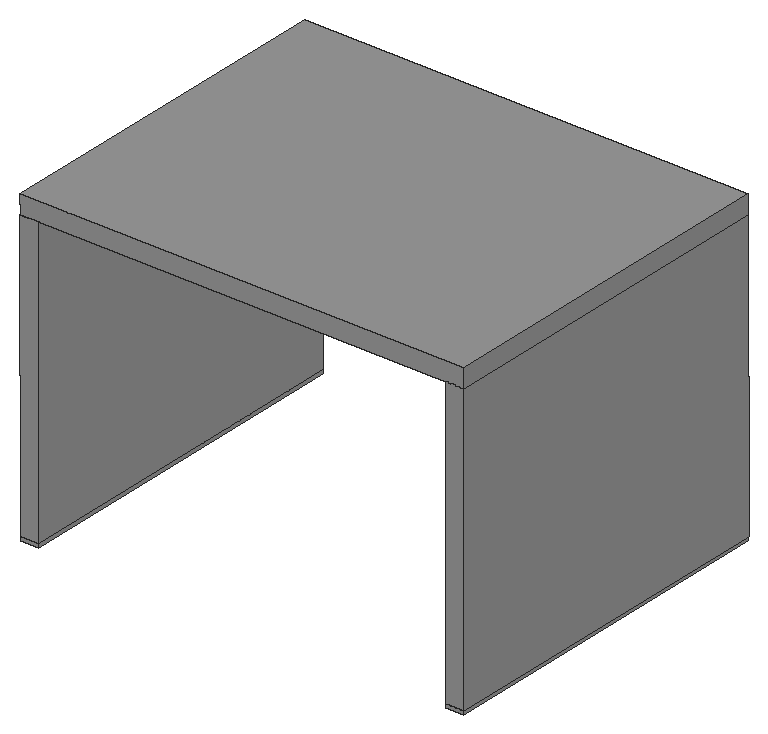
Revit family "Cocoon Community Table 48x60x42", category Generic Models, Revit 2018
Family settings
  Can host rebar = No
  Round Connector Dimension = Use Diameter
  Part Type = Normal
  Work Plane-Based = No
  Always vertical = Yes
  Cut with Voids When Loaded = No
  Shared = No
  Room Calculation Point = No
Parameters
  Frame = Cocoon Community Table 48x60x42 Frame
  Surface = Cocoon Community Table 48x60x42 Surface
Reference planes (in)
  plane 1 "Center (Front/Back)": y = 0
  plane 2: z = 0
  plane 3 "Center (Left/Right)": x = 0
Forms (in)
  Extrusion 1, solid, material "Cocoon Community Table 48x60x42 Frame" <- "Frame"
    sketch origin (0, 0, 0) x (1, 0, 0) y (0, 0, 1)
      loop
        line (-30, 0.5) -> (-30, 0) -> (-27.5, 0) -> (-27.5, 0.5) -> (-30, 0.5)
      loop
        line (30, 0.5) -> (27.5, 0.5) -> (27.5, 0) -> (30, 0) -> (30, 0.5)
    from -24 to 24
  Extrusion 2, solid, material "Cocoon Community Table 48x60x42 Surface" <- "Surface"
    sketch origin (0, 0, 13) x (1, 0, 0) y (0, 0, 1)
      loop
        line (-30, 29) -> (-30, 26.5) -> (30, 26.5) -> (30, 29) -> (-30, 29)
    from -24 to 24
  Extrusion 3, solid, material "Cocoon Community Table 48x60x42 Frame" <- "Frame"
    sketch origin (0, 0, 0) x (1, 0, 0) y (0, 0, 1)
      loop
        line (-30, 39.5) -> (-30, 0.5) -> (-27.5, 0.5) -> (-27.5, 39.5) -> (-30, 39.5)
      loop
        line (27.5, 39.5) -> (27.5, 0.5) -> (30, 0.5) -> (30, 39.5) -> (27.5, 39.5)
    from -24 to 24
Dimensions and locks (in)
  aligned and locked: level to plane 2
